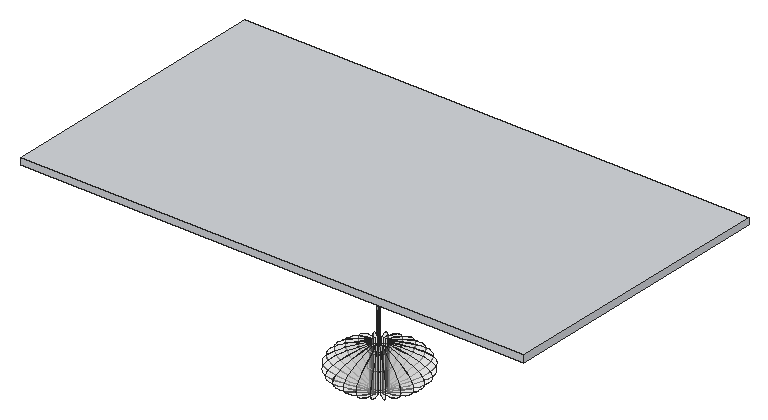
Revit family "Contour - Roundover Large", category Lighting Fixtures, host Face, Revit 2014 (continued)
Automatic sketch dimensions
  Extrusion 19 sketch curve to Extrusion 19 sketch curve = 0.04419"
  Extrusion 19 sketch curve to Extrusion 19 sketch curve = 2.84986"
  Extrusion 19 sketch curve to Extrusion 19 sketch curve = 4.74377"
  Extrusion 19 sketch curve to Extrusion 19 sketch curve = 5.72206"
  Extrusion 19 sketch curve to Extrusion 19 sketch curve = 0.37591"
  Extrusion 19 sketch curve to Extrusion 19 sketch curve = 2.89832"
  Extrusion 19 sketch curve to Extrusion 19 sketch curve = 0.03351"
  Extrusion 19 sketch curve to Extrusion 19 sketch curve = 0"  (x3)
  Extrusion 19 sketch curve to Extrusion 19 sketch curve = 1.62885"
  Extrusion 19 sketch curve to Extrusion 19 sketch curve = 0.13018"
  Extrusion 19 sketch curve to Extrusion 19 sketch curve = 33.74897"
  Extrusion 19 sketch curve to Extrusion 19 sketch curve = 28.16056"
  Extrusion 19 sketch curve to Extrusion 19 sketch curve = 19.42276"
  Extrusion 19 sketch curve to Extrusion 19 sketch curve = 0.8479"
  Extrusion 19 sketch curve to Extrusion 19 sketch curve = 5.69298"
  Extrusion 19 sketch curve to Extrusion 19 sketch curve = 2.38913"
  Extrusion 19 sketch curve to Extrusion 19 sketch curve = 2.11823"
  Extrusion 19 sketch curve to Extrusion 19 sketch curve = 6.31541"
  Extrusion 19 sketch curve to Extrusion 19 sketch curve = 0.12297"
  Extrusion 19 sketch curve to Extrusion 19 sketch curve = 0.40769"
  Extrusion 19 sketch curve to Extrusion 19 sketch curve = 20.38137"
  Extrusion 19 sketch curve to Extrusion 19 sketch curve = 28.25658"
  Extrusion 19 sketch curve to Extrusion 19 sketch curve = 0.58887"
  Extrusion 19 sketch curve to Extrusion 19 sketch curve = 7.6448"
  Extrusion 19 sketch curve to Extrusion 19 sketch curve = 10.94672"
  Extrusion 19 sketch curve to Extrusion 19 sketch curve = 5.98697"
  Extrusion 19 sketch curve to Extrusion 19 sketch curve = 3.89256"
  Extrusion 19 sketch curve to Extrusion 19 sketch curve = 1.035"
  Extrusion 19 sketch curve to Extrusion 19 sketch curve = 2.50827"
  Extrusion 19 sketch curve to Extrusion 19 sketch curve = 2.89456"
  Extrusion 19 sketch curve to Extrusion 19 sketch curve = 1.14633"
  Extrusion 19 sketch curve to Extrusion 19 sketch curve = 1.74919"
  Extrusion 19 sketch curve to Extrusion 19 sketch curve = 1.33646"
  Extrusion 19 sketch curve to Extrusion 19 sketch curve = 0.4308"
  Extrusion 20 sketch curve to Extrusion 20 sketch curve = 2.89947"
  Extrusion 20 sketch curve to Extrusion 20 sketch curve = 1.7032"
  Extrusion 20 sketch curve to Extrusion 20 sketch curve = 3.66121"
  Extrusion 20 sketch curve to Extrusion 20 sketch curve = 1.73894"
  Extrusion 20 sketch curve to Extrusion 20 sketch curve = 0.09832"
  Extrusion 20 sketch curve to Extrusion 20 sketch curve = 0.04419"
  Extrusion 20 sketch curve to Extrusion 20 sketch curve = 2.84986"
  Extrusion 20 sketch curve to Extrusion 20 sketch curve = 4.74377"
  Extrusion 20 sketch curve to Extrusion 20 sketch curve = 5.72206"
  Extrusion 20 sketch curve to Extrusion 20 sketch curve = 0.37591"
  Extrusion 20 sketch curve to Extrusion 20 sketch curve = 2.89832"
  Extrusion 20 sketch curve to Extrusion 20 sketch curve = 0.03351"
  Extrusion 20 sketch curve to Extrusion 20 sketch curve = 0"  (x3)
  Extrusion 20 sketch curve to Extrusion 20 sketch curve = 1.62885"
  Extrusion 20 sketch curve to Extrusion 20 sketch curve = 0.13018"
  Extrusion 20 sketch curve to Extrusion 20 sketch curve = 33.74897"
  Extrusion 20 sketch curve to Extrusion 20 sketch curve = 28.16056"
  Extrusion 20 sketch curve to Extrusion 20 sketch curve = 19.42276"
  Extrusion 20 sketch curve to Extrusion 20 sketch curve = 0.8479"
  Extrusion 20 sketch curve to Extrusion 20 sketch curve = 5.69298"
  Extrusion 20 sketch curve to Extrusion 20 sketch curve = 2.38913"
  Extrusion 20 sketch curve to Extrusion 20 sketch curve = 2.11823"
  Extrusion 20 sketch curve to Extrusion 20 sketch curve = 6.31541"
  Extrusion 20 sketch curve to Extrusion 20 sketch curve = 0.12297"
  Extrusion 20 sketch curve to Extrusion 20 sketch curve = 0.40769"
  Extrusion 20 sketch curve to Extrusion 20 sketch curve = 20.38137"
  Extrusion 20 sketch curve to Extrusion 20 sketch curve = 28.25658"
  Extrusion 20 sketch curve to Extrusion 20 sketch curve = 0.58887"
  Extrusion 20 sketch curve to Extrusion 20 sketch curve = 7.6448"
  Extrusion 20 sketch curve to Extrusion 20 sketch curve = 10.94672"
  Extrusion 20 sketch curve to Extrusion 20 sketch curve = 5.98697"
  Extrusion 20 sketch curve to Extrusion 20 sketch curve = 3.89256"
  Extrusion 20 sketch curve to Extrusion 20 sketch curve = 1.035"
  Extrusion 20 sketch curve to Extrusion 20 sketch curve = 2.50827"
  Extrusion 20 sketch curve to Extrusion 20 sketch curve = 2.89456"
  Extrusion 20 sketch curve to Extrusion 20 sketch curve = 1.14633"
  Extrusion 20 sketch curve to Extrusion 20 sketch curve = 1.74919"
  Extrusion 20 sketch curve to Extrusion 20 sketch curve = 1.33646"
  Extrusion 20 sketch curve to Extrusion 20 sketch curve = 0.4308"
  Extrusion 21 sketch curve to Extrusion 21 sketch curve = 2.89947"
  Extrusion 21 sketch curve to Extrusion 21 sketch curve = 1.7032"
  Extrusion 21 sketch curve to Extrusion 21 sketch curve = 3.66121"
  Extrusion 21 sketch curve to Extrusion 21 sketch curve = 1.73894"
  Extrusion 21 sketch curve to Extrusion 21 sketch curve = 0.09832"
  Extrusion 21 sketch curve to Extrusion 21 sketch curve = 0.04419"
  Extrusion 21 sketch curve to Extrusion 21 sketch curve = 2.84986"
  Extrusion 21 sketch curve to Extrusion 21 sketch curve = 4.74377"
  Extrusion 21 sketch curve to Extrusion 21 sketch curve = 5.72206"
  Extrusion 21 sketch curve to Extrusion 21 sketch curve = 0.37591"
  Extrusion 21 sketch curve to Extrusion 21 sketch curve = 2.89832"
  Extrusion 21 sketch curve to Extrusion 21 sketch curve = 0.03351"
  Extrusion 21 sketch curve to Extrusion 21 sketch curve = 0"  (x3)
  Extrusion 21 sketch curve to Extrusion 21 sketch curve = 1.62885"
  Extrusion 21 sketch curve to Extrusion 21 sketch curve = 0.13018"
  Extrusion 21 sketch curve to Extrusion 21 sketch curve = 33.74897"
  Extrusion 21 sketch curve to Extrusion 21 sketch curve = 28.16056"
  Extrusion 21 sketch curve to Extrusion 21 sketch curve = 19.42276"
  Extrusion 21 sketch curve to Extrusion 21 sketch curve = 0.8479"
  Extrusion 21 sketch curve to Extrusion 21 sketch curve = 5.69298"
  Extrusion 21 sketch curve to Extrusion 21 sketch curve = 2.38913"
  Extrusion 21 sketch curve to Extrusion 21 sketch curve = 2.11823"
  Extrusion 21 sketch curve to Extrusion 21 sketch curve = 6.31541"
  Extrusion 21 sketch curve to Extrusion 21 sketch curve = 0.12297"
  Extrusion 21 sketch curve to Extrusion 21 sketch curve = 0.40769"
  Extrusion 21 sketch curve to Extrusion 21 sketch curve = 20.38137"
  Extrusion 21 sketch curve to Extrusion 21 sketch curve = 28.25658"
  Extrusion 21 sketch curve to Extrusion 21 sketch curve = 0.58887"
  Extrusion 21 sketch curve to Extrusion 21 sketch curve = 7.6448"
  Extrusion 21 sketch curve to Extrusion 21 sketch curve = 10.94672"
  Extrusion 21 sketch curve to Extrusion 21 sketch curve = 5.98697"
  Extrusion 21 sketch curve to Extrusion 21 sketch curve = 3.89256"
  Extrusion 21 sketch curve to Extrusion 21 sketch curve = 1.035"
  Extrusion 21 sketch curve to Extrusion 21 sketch curve = 2.50827"
  Extrusion 21 sketch curve to Extrusion 21 sketch curve = 2.89456"
  Extrusion 21 sketch curve to Extrusion 21 sketch curve = 1.14633"
  Extrusion 21 sketch curve to Extrusion 21 sketch curve = 1.74919"
  Extrusion 21 sketch curve to Extrusion 21 sketch curve = 1.33646"
  Extrusion 21 sketch curve to Extrusion 21 sketch curve = 0.4308"
  Extrusion 22 sketch curve to Extrusion 22 sketch curve = 2.89947"
  Extrusion 22 sketch curve to Extrusion 22 sketch curve = 1.7032"
  Extrusion 22 sketch curve to Extrusion 22 sketch curve = 3.66121"
  Extrusion 22 sketch curve to Extrusion 22 sketch curve = 1.73894"
  Extrusion 22 sketch curve to Extrusion 22 sketch curve = 0.09832"
  Extrusion 22 sketch curve to Extrusion 22 sketch curve = 0.04419"
  Extrusion 22 sketch curve to Extrusion 22 sketch curve = 2.84986"
  Extrusion 22 sketch curve to Extrusion 22 sketch curve = 4.74377"
  Extrusion 22 sketch curve to Extrusion 22 sketch curve = 5.72206"
  Extrusion 22 sketch curve to Extrusion 22 sketch curve = 0.37591"
  Extrusion 22 sketch curve to Extrusion 22 sketch curve = 2.89832"
  Extrusion 22 sketch curve to Extrusion 22 sketch curve = 0.03351"
  Extrusion 22 sketch curve to Extrusion 22 sketch curve = 0"  (x3)
  Extrusion 22 sketch curve to Extrusion 22 sketch curve = 1.62885"
  Extrusion 22 sketch curve to Extrusion 22 sketch curve = 0.13018"
  Extrusion 22 sketch curve to Extrusion 22 sketch curve = 33.74897"
  Extrusion 22 sketch curve to Extrusion 22 sketch curve = 28.16056"
  Extrusion 22 sketch curve to Extrusion 22 sketch curve = 19.42276"
  Extrusion 22 sketch curve to Extrusion 22 sketch curve = 0.8479"
  Extrusion 22 sketch curve to Extrusion 22 sketch curve = 5.69298"
  Extrusion 22 sketch curve to Extrusion 22 sketch curve = 2.38913"
  Extrusion 22 sketch curve to Extrusion 22 sketch curve = 2.11823"
  Extrusion 22 sketch curve to Extrusion 22 sketch curve = 6.31541"
  Extrusion 22 sketch curve to Extrusion 22 sketch curve = 0.12297"
  Extrusion 22 sketch curve to Extrusion 22 sketch curve = 0.40769"
  Extrusion 22 sketch curve to Extrusion 22 sketch curve = 20.38137"
  Extrusion 22 sketch curve to Extrusion 22 sketch curve = 28.25658"
  Extrusion 22 sketch curve to Extrusion 22 sketch curve = 0.58887"
  Extrusion 22 sketch curve to Extrusion 22 sketch curve = 7.6448"
  Extrusion 22 sketch curve to Extrusion 22 sketch curve = 10.94672"
  Extrusion 22 sketch curve to Extrusion 22 sketch curve = 5.98697"
  Extrusion 22 sketch curve to Extrusion 22 sketch curve = 3.89256"
  Extrusion 22 sketch curve to Extrusion 22 sketch curve = 1.035"
  Extrusion 22 sketch curve to Extrusion 22 sketch curve = 2.50827"
  Extrusion 22 sketch curve to Extrusion 22 sketch curve = 2.89456"
  Extrusion 22 sketch curve to Extrusion 22 sketch curve = 1.14633"
  Extrusion 22 sketch curve to Extrusion 22 sketch curve = 1.74919"
  Extrusion 22 sketch curve to Extrusion 22 sketch curve = 1.33646"
  Extrusion 22 sketch curve to Extrusion 22 sketch curve = 0.4308"
  Extrusion 23 sketch curve to Extrusion 23 sketch curve = 2.89947"
  Extrusion 23 sketch curve to Extrusion 23 sketch curve = 1.7032"
  Extrusion 23 sketch curve to Extrusion 23 sketch curve = 3.66121"
  Extrusion 23 sketch curve to Extrusion 23 sketch curve = 1.73894"
  Extrusion 23 sketch curve to Extrusion 23 sketch curve = 0.09832"
  Extrusion 23 sketch curve to Extrusion 23 sketch curve = 0.04419"
  Extrusion 23 sketch curve to Extrusion 23 sketch curve = 2.84986"
  Extrusion 23 sketch curve to Extrusion 23 sketch curve = 4.74377"
  Extrusion 23 sketch curve to Extrusion 23 sketch curve = 5.72206"
  Extrusion 23 sketch curve to Extrusion 23 sketch curve = 0.37591"
  Extrusion 23 sketch curve to Extrusion 23 sketch curve = 2.89832"
  Extrusion 23 sketch curve to Extrusion 23 sketch curve = 0.03351"
  Extrusion 23 sketch curve to Extrusion 23 sketch curve = 0"  (x3)
  Extrusion 23 sketch curve to Extrusion 23 sketch curve = 1.62885"
  Extrusion 23 sketch curve to Extrusion 23 sketch curve = 0.13018"
  Extrusion 23 sketch curve to Extrusion 23 sketch curve = 33.74897"
  Extrusion 23 sketch curve to Extrusion 23 sketch curve = 28.16056"
  Extrusion 23 sketch curve to Extrusion 23 sketch curve = 19.42276"
  Extrusion 23 sketch curve to Extrusion 23 sketch curve = 0.8479"
  Extrusion 23 sketch curve to Extrusion 23 sketch curve = 5.69298"
  Extrusion 23 sketch curve to Extrusion 23 sketch curve = 2.38913"
  Extrusion 23 sketch curve to Extrusion 23 sketch curve = 2.11823"
  Extrusion 23 sketch curve to Extrusion 23 sketch curve = 6.31541"
  Extrusion 23 sketch curve to Extrusion 23 sketch curve = 0.12297"
  Extrusion 23 sketch curve to Extrusion 23 sketch curve = 0.40769"
  Extrusion 23 sketch curve to Extrusion 23 sketch curve = 20.38137"
  Extrusion 23 sketch curve to Extrusion 23 sketch curve = 28.25658"
  Extrusion 23 sketch curve to Extrusion 23 sketch curve = 0.58887"
  Extrusion 23 sketch curve to Extrusion 23 sketch curve = 7.6448"
  Extrusion 23 sketch curve to Extrusion 23 sketch curve = 10.94672"
  Extrusion 23 sketch curve to Extrusion 23 sketch curve = 5.98697"
  Extrusion 23 sketch curve to Extrusion 23 sketch curve = 3.89256"
  Extrusion 23 sketch curve to Extrusion 23 sketch curve = 1.035"
  Extrusion 23 sketch curve to Extrusion 23 sketch curve = 2.50827"
  Extrusion 23 sketch curve to Extrusion 23 sketch curve = 2.89456"
  Extrusion 23 sketch curve to Extrusion 23 sketch curve = 1.14633"
  Extrusion 23 sketch curve to Extrusion 23 sketch curve = 1.74919"
  Extrusion 23 sketch curve to Extrusion 23 sketch curve = 1.33646"
  Extrusion 23 sketch curve to Extrusion 23 sketch curve = 0.4308"
  Extrusion 24 sketch curve to Extrusion 24 sketch curve = 2.89947"
  Extrusion 24 sketch curve to Extrusion 24 sketch curve = 1.7032"
  Extrusion 24 sketch curve to Extrusion 24 sketch curve = 3.66121"
  Extrusion 24 sketch curve to Extrusion 24 sketch curve = 1.73894"
  Extrusion 24 sketch curve to Extrusion 24 sketch curve = 0.09832"
  Extrusion 24 sketch curve to Extrusion 24 sketch curve = 0.04419"
  Extrusion 24 sketch curve to Extrusion 24 sketch curve = 2.84986"
  Extrusion 24 sketch curve to Extrusion 24 sketch curve = 4.74377"
  Extrusion 24 sketch curve to Extrusion 24 sketch curve = 5.72206"
  Extrusion 24 sketch curve to Extrusion 24 sketch curve = 0.37591"
  Extrusion 24 sketch curve to Extrusion 24 sketch curve = 2.89832"
  Extrusion 24 sketch curve to Extrusion 24 sketch curve = 0.03351"
  Extrusion 24 sketch curve to Extrusion 24 sketch curve = 0"  (x3)
  Extrusion 24 sketch curve to Extrusion 24 sketch curve = 1.62885"
  Extrusion 24 sketch curve to Extrusion 24 sketch curve = 0.13018"
  Extrusion 24 sketch curve to Extrusion 24 sketch curve = 33.74897"
  Extrusion 24 sketch curve to Extrusion 24 sketch curve = 28.16056"
  Extrusion 24 sketch curve to Extrusion 24 sketch curve = 19.42276"
  Extrusion 24 sketch curve to Extrusion 24 sketch curve = 0.8479"
  Extrusion 24 sketch curve to Extrusion 24 sketch curve = 5.69298"
  Extrusion 24 sketch curve to Extrusion 24 sketch curve = 2.38913"
  Extrusion 24 sketch curve to Extrusion 24 sketch curve = 2.11823"
  Extrusion 24 sketch curve to Extrusion 24 sketch curve = 6.31541"
  Extrusion 24 sketch curve to Extrusion 24 sketch curve = 0.12297"
  Extrusion 24 sketch curve to Extrusion 24 sketch curve = 0.40769"
  Extrusion 24 sketch curve to Extrusion 24 sketch curve = 20.38137"
  Extrusion 24 sketch curve to Extrusion 24 sketch curve = 28.25658"
  Extrusion 24 sketch curve to Extrusion 24 sketch curve = 0.58887"
  Extrusion 24 sketch curve to Extrusion 24 sketch curve = 7.6448"
  Extrusion 24 sketch curve to Extrusion 24 sketch curve = 10.94672"
  Extrusion 24 sketch curve to Extrusion 24 sketch curve = 5.98697"
  Extrusion 24 sketch curve to Extrusion 24 sketch curve = 3.89256"
  Extrusion 24 sketch curve to Extrusion 24 sketch curve = 1.035"
  Extrusion 24 sketch curve to Extrusion 24 sketch curve = 2.50827"
  Extrusion 24 sketch curve to Extrusion 24 sketch curve = 2.89456"
  Extrusion 24 sketch curve to Extrusion 24 sketch curve = 1.14633"
  Extrusion 24 sketch curve to Extrusion 24 sketch curve = 1.74919"
  Extrusion 24 sketch curve to Extrusion 24 sketch curve = 1.33646"
  Extrusion 24 sketch curve to Extrusion 24 sketch curve = 0.4308"
  Extrusion 25 sketch curve to Extrusion 25 sketch curve = 2.89947"
  Extrusion 25 sketch curve to Extrusion 25 sketch curve = 1.7032"
  Extrusion 25 sketch curve to Extrusion 25 sketch curve = 3.66121"
  Extrusion 25 sketch curve to Extrusion 25 sketch curve = 1.73894"
  Extrusion 25 sketch curve to Extrusion 25 sketch curve = 0.09832"
  Extrusion 25 sketch curve to Extrusion 25 sketch curve = 0.04419"
  Extrusion 25 sketch curve to Extrusion 25 sketch curve = 2.84986"
  Extrusion 25 sketch curve to Extrusion 25 sketch curve = 4.74377"
  Extrusion 25 sketch curve to Extrusion 25 sketch curve = 5.72206"
  Extrusion 25 sketch curve to Extrusion 25 sketch curve = 0.37591"
  Extrusion 25 sketch curve to Extrusion 25 sketch curve = 2.89832"
  Extrusion 25 sketch curve to Extrusion 25 sketch curve = 0.03351"
  Extrusion 25 sketch curve to Extrusion 25 sketch curve = 0"  (x3)
  Extrusion 25 sketch curve to Extrusion 25 sketch curve = 1.62885"
  Extrusion 25 sketch curve to Extrusion 25 sketch curve = 0.13018"
  Extrusion 25 sketch curve to Extrusion 25 sketch curve = 33.74897"
  Extrusion 25 sketch curve to Extrusion 25 sketch curve = 28.16056"
  Extrusion 25 sketch curve to Extrusion 25 sketch curve = 19.42276"
  Extrusion 25 sketch curve to Extrusion 25 sketch curve = 0.8479"
  Extrusion 25 sketch curve to Extrusion 25 sketch curve = 5.69298"
  Extrusion 25 sketch curve to Extrusion 25 sketch curve = 2.38913"
  Extrusion 25 sketch curve to Extrusion 25 sketch curve = 2.11823"
  Extrusion 25 sketch curve to Extrusion 25 sketch curve = 6.31541"
  Extrusion 25 sketch curve to Extrusion 25 sketch curve = 0.12297"
  Extrusion 25 sketch curve to Extrusion 25 sketch curve = 0.40769"
  Extrusion 25 sketch curve to Extrusion 25 sketch curve = 20.38137"
  Extrusion 25 sketch curve to Extrusion 25 sketch curve = 28.25658"
  Extrusion 25 sketch curve to Extrusion 25 sketch curve = 0.58887"
  Extrusion 25 sketch curve to Extrusion 25 sketch curve = 7.6448"
  Extrusion 25 sketch curve to Extrusion 25 sketch curve = 10.94672"
  Extrusion 25 sketch curve to Extrusion 25 sketch curve = 5.98697"
  Extrusion 25 sketch curve to Extrusion 25 sketch curve = 3.89256"
  Extrusion 25 sketch curve to Extrusion 25 sketch curve = 1.035"
  Extrusion 25 sketch curve to Extrusion 25 sketch curve = 2.50827"
  Extrusion 25 sketch curve to Extrusion 25 sketch curve = 2.89456"
  Extrusion 25 sketch curve to Extrusion 25 sketch curve = 1.14633"
  Extrusion 25 sketch curve to Extrusion 25 sketch curve = 1.74919"
  Extrusion 25 sketch curve to Extrusion 25 sketch curve = 1.33646"
  Extrusion 25 sketch curve to Extrusion 25 sketch curve = 0.4308"
  Extrusion 26 sketch curve to Extrusion 26 sketch curve = 2.89947"
  Extrusion 26 sketch curve to Extrusion 26 sketch curve = 1.7032"
  Extrusion 26 sketch curve to Extrusion 26 sketch curve = 3.66121"
  Extrusion 26 sketch curve to Extrusion 26 sketch curve = 1.73894"
  Extrusion 26 sketch curve to Extrusion 26 sketch curve = 0.09832"
  Extrusion 26 sketch curve to Extrusion 26 sketch curve = 0.04419"
  Extrusion 26 sketch curve to Extrusion 26 sketch curve = 2.84986"
  Extrusion 26 sketch curve to Extrusion 26 sketch curve = 4.74377"
  Extrusion 26 sketch curve to Extrusion 26 sketch curve = 5.72206"
  Extrusion 26 sketch curve to Extrusion 26 sketch curve = 0.37591"
  Extrusion 26 sketch curve to Extrusion 26 sketch curve = 2.89832"
  Extrusion 26 sketch curve to Extrusion 26 sketch curve = 0.03351"
  Extrusion 26 sketch curve to Extrusion 26 sketch curve = 0"  (x3)
  Extrusion 26 sketch curve to Extrusion 26 sketch curve = 1.62885"
  Extrusion 26 sketch curve to Extrusion 26 sketch curve = 0.13018"
  Extrusion 26 sketch curve to Extrusion 26 sketch curve = 33.74897"
  Extrusion 26 sketch curve to Extrusion 26 sketch curve = 28.16056"
  Extrusion 26 sketch curve to Extrusion 26 sketch curve = 19.42276"
  Extrusion 26 sketch curve to Extrusion 26 sketch curve = 0.8479"
  Extrusion 26 sketch curve to Extrusion 26 sketch curve = 5.69298"
  Extrusion 26 sketch curve to Extrusion 26 sketch curve = 2.38913"
  Extrusion 26 sketch curve to Extrusion 26 sketch curve = 2.11823"
  Extrusion 26 sketch curve to Extrusion 26 sketch curve = 6.31541"
  Extrusion 26 sketch curve to Extrusion 26 sketch curve = 0.12297"
  Extrusion 26 sketch curve to Extrusion 26 sketch curve = 0.40769"
  Extrusion 26 sketch curve to Extrusion 26 sketch curve = 20.38137"
  Extrusion 26 sketch curve to Extrusion 26 sketch curve = 28.25658"
  Extrusion 26 sketch curve to Extrusion 26 sketch curve = 0.58887"
  Extrusion 26 sketch curve to Extrusion 26 sketch curve = 7.6448"
  Extrusion 26 sketch curve to Extrusion 26 sketch curve = 10.94672"
  Extrusion 26 sketch curve to Extrusion 26 sketch curve = 5.98697"
  Extrusion 26 sketch curve to Extrusion 26 sketch curve = 3.89256"
  Extrusion 26 sketch curve to Extrusion 26 sketch curve = 1.035"
  Extrusion 26 sketch curve to Extrusion 26 sketch curve = 2.50827"
  Extrusion 26 sketch curve to Extrusion 26 sketch curve = 2.89456"
  Extrusion 26 sketch curve to Extrusion 26 sketch curve = 1.14633"
  Extrusion 26 sketch curve to Extrusion 26 sketch curve = 1.74919"
  Extrusion 26 sketch curve to Extrusion 26 sketch curve = 1.33646"
  Extrusion 26 sketch curve to Extrusion 26 sketch curve = 0.4308"
  Extrusion 27 sketch curve to Extrusion 27 sketch curve = 2.89947"
  Extrusion 27 sketch curve to Extrusion 27 sketch curve = 1.7032"
  Extrusion 27 sketch curve to Extrusion 27 sketch curve = 3.66121"
  Extrusion 27 sketch curve to Extrusion 27 sketch curve = 1.73894"
  Extrusion 27 sketch curve to Extrusion 27 sketch curve = 0.09832"
  Extrusion 27 sketch curve to Extrusion 27 sketch curve = 0.04419"
  Extrusion 27 sketch curve to Extrusion 27 sketch curve = 2.84986"
  Extrusion 27 sketch curve to Extrusion 27 sketch curve = 4.74377"
  Extrusion 27 sketch curve to Extrusion 27 sketch curve = 5.72206"
  Extrusion 27 sketch curve to Extrusion 27 sketch curve = 0.37591"
  Extrusion 27 sketch curve to Extrusion 27 sketch curve = 2.89832"
  Extrusion 27 sketch curve to Extrusion 27 sketch curve = 0.03351"
  Extrusion 27 sketch curve to Extrusion 27 sketch curve = 0"  (x3)
  Extrusion 27 sketch curve to Extrusion 27 sketch curve = 1.62885"
  Extrusion 27 sketch curve to Extrusion 27 sketch curve = 0.13018"
  Extrusion 27 sketch curve to Extrusion 27 sketch curve = 33.74897"
  Extrusion 27 sketch curve to Extrusion 27 sketch curve = 28.16056"
  Extrusion 27 sketch curve to Extrusion 27 sketch curve = 19.42276"
  Extrusion 27 sketch curve to Extrusion 27 sketch curve = 0.8479"
  Extrusion 27 sketch curve to Extrusion 27 sketch curve = 5.69298"
  Extrusion 27 sketch curve to Extrusion 27 sketch curve = 2.38913"
  Extrusion 27 sketch curve to Extrusion 27 sketch curve = 2.11823"
  Extrusion 27 sketch curve to Extrusion 27 sketch curve = 6.31541"
  Extrusion 27 sketch curve to Extrusion 27 sketch curve = 0.12297"
  Extrusion 27 sketch curve to Extrusion 27 sketch curve = 0.40769"
  Extrusion 27 sketch curve to Extrusion 27 sketch curve = 20.38137"
  Extrusion 27 sketch curve to Extrusion 27 sketch curve = 28.25658"
  Extrusion 27 sketch curve to Extrusion 27 sketch curve = 0.58887"
  Extrusion 27 sketch curve to Extrusion 27 sketch curve = 7.6448"
  Extrusion 27 sketch curve to Extrusion 27 sketch curve = 10.94672"
  Extrusion 27 sketch curve to Extrusion 27 sketch curve = 5.98697"
  Extrusion 27 sketch curve to Extrusion 27 sketch curve = 3.89256"
  Extrusion 27 sketch curve to Extrusion 27 sketch curve = 1.035"
  Extrusion 27 sketch curve to Extrusion 27 sketch curve = 2.50827"
  Extrusion 27 sketch curve to Extrusion 27 sketch curve = 2.89456"
  Extrusion 27 sketch curve to Extrusion 27 sketch curve = 1.14633"
  Extrusion 27 sketch curve to Extrusion 27 sketch curve = 1.74919"
  Extrusion 27 sketch curve to Extrusion 27 sketch curve = 1.33646"
  Extrusion 27 sketch curve to Extrusion 27 sketch curve = 0.4308"
  Extrusion 28 sketch curve to Extrusion 28 sketch curve = 2.89947"
  Extrusion 28 sketch curve to Extrusion 28 sketch curve = 1.7032"
  Extrusion 28 sketch curve to Extrusion 28 sketch curve = 3.66121"
  Extrusion 28 sketch curve to Extrusion 28 sketch curve = 1.73894"
  Extrusion 28 sketch curve to Extrusion 28 sketch curve = 0.09832"
  Extrusion 28 sketch curve to Extrusion 28 sketch curve = 0.04419"
  Extrusion 28 sketch curve to Extrusion 28 sketch curve = 2.84986"
  Extrusion 28 sketch curve to Extrusion 28 sketch curve = 4.74377"
  Extrusion 28 sketch curve to Extrusion 28 sketch curve = 5.72206"
  Extrusion 28 sketch curve to Extrusion 28 sketch curve = 0.37591"
  Extrusion 28 sketch curve to Extrusion 28 sketch curve = 2.89832"
  Extrusion 28 sketch curve to Extrusion 28 sketch curve = 0.03351"
  Extrusion 28 sketch curve to Extrusion 28 sketch curve = 0"  (x3)
  Extrusion 28 sketch curve to Extrusion 28 sketch curve = 1.62885"
  Extrusion 28 sketch curve to Extrusion 28 sketch curve = 0.13018"
  Extrusion 28 sketch curve to Extrusion 28 sketch curve = 33.74897"
  Extrusion 28 sketch curve to Extrusion 28 sketch curve = 28.16056"
  Extrusion 28 sketch curve to Extrusion 28 sketch curve = 19.42276"
  Extrusion 28 sketch curve to Extrusion 28 sketch curve = 0.8479"
  Extrusion 28 sketch curve to Extrusion 28 sketch curve = 5.69298"
  Extrusion 28 sketch curve to Extrusion 28 sketch curve = 2.38913"
  Extrusion 28 sketch curve to Extrusion 28 sketch curve = 2.11823"
  Extrusion 28 sketch curve to Extrusion 28 sketch curve = 6.31541"
  Extrusion 28 sketch curve to Extrusion 28 sketch curve = 0.12297"
  Extrusion 28 sketch curve to Extrusion 28 sketch curve = 0.40769"
  Extrusion 28 sketch curve to Extrusion 28 sketch curve = 20.38137"
  Extrusion 28 sketch curve to Extrusion 28 sketch curve = 28.25658"
  Extrusion 28 sketch curve to Extrusion 28 sketch curve = 0.58887"
  Extrusion 28 sketch curve to Extrusion 28 sketch curve = 7.6448"
  Extrusion 28 sketch curve to Extrusion 28 sketch curve = 10.94672"
  Extrusion 28 sketch curve to Extrusion 28 sketch curve = 5.98697"
  Extrusion 28 sketch curve to Extrusion 28 sketch curve = 3.89256"
  Extrusion 28 sketch curve to Extrusion 28 sketch curve = 1.035"
  Extrusion 28 sketch curve to Extrusion 28 sketch curve = 2.50827"
  Extrusion 28 sketch curve to Extrusion 28 sketch curve = 2.89456"
  Extrusion 28 sketch curve to Extrusion 28 sketch curve = 1.14633"
  Extrusion 28 sketch curve to Extrusion 28 sketch curve = 1.74919"
  Extrusion 28 sketch curve to Extrusion 28 sketch curve = 1.33646"
  Extrusion 28 sketch curve to Extrusion 28 sketch curve = 0.4308"
  Extrusion 29 sketch curve to Extrusion 29 sketch curve = 2.89947"
  Extrusion 29 sketch curve to Extrusion 29 sketch curve = 1.7032"
  Extrusion 29 sketch curve to Extrusion 29 sketch curve = 3.66121"
  Extrusion 29 sketch curve to Extrusion 29 sketch curve = 1.73894"
  Extrusion 29 sketch curve to Extrusion 29 sketch curve = 0.09832"
  Extrusion 29 sketch curve to Extrusion 29 sketch curve = 0.04419"
  Extrusion 29 sketch curve to Extrusion 29 sketch curve = 2.84986"
  Extrusion 29 sketch curve to Extrusion 29 sketch curve = 4.74377"
  Extrusion 29 sketch curve to Extrusion 29 sketch curve = 5.72206"
  Extrusion 29 sketch curve to Extrusion 29 sketch curve = 0.37591"
  Extrusion 29 sketch curve to Extrusion 29 sketch curve = 2.89832"
  Extrusion 29 sketch curve to Extrusion 29 sketch curve = 0.03351"
  Extrusion 29 sketch curve to Extrusion 29 sketch curve = 0"  (x3)
  Extrusion 29 sketch curve to Extrusion 29 sketch curve = 1.62885"
  Extrusion 29 sketch curve to Extrusion 29 sketch curve = 0.13018"
  Extrusion 29 sketch curve to Extrusion 29 sketch curve = 33.74897"
  Extrusion 29 sketch curve to Extrusion 29 sketch curve = 28.16056"
  Extrusion 29 sketch curve to Extrusion 29 sketch curve = 19.42276"
  Extrusion 29 sketch curve to Extrusion 29 sketch curve = 0.8479"
  Extrusion 29 sketch curve to Extrusion 29 sketch curve = 5.69298"
  Extrusion 29 sketch curve to Extrusion 29 sketch curve = 2.38913"
  Extrusion 29 sketch curve to Extrusion 29 sketch curve = 2.11823"
  Extrusion 29 sketch curve to Extrusion 29 sketch curve = 6.31541"
  Extrusion 29 sketch curve to Extrusion 29 sketch curve = 0.12297"
  Extrusion 29 sketch curve to Extrusion 29 sketch curve = 0.40769"
  Extrusion 29 sketch curve to Extrusion 29 sketch curve = 20.38137"
  Extrusion 29 sketch curve to Extrusion 29 sketch curve = 28.25658"
  Extrusion 29 sketch curve to Extrusion 29 sketch curve = 0.58887"
  Extrusion 29 sketch curve to Extrusion 29 sketch curve = 7.6448"
  Extrusion 29 sketch curve to Extrusion 29 sketch curve = 10.94672"
  Extrusion 29 sketch curve to Extrusion 29 sketch curve = 5.98697"
  Extrusion 29 sketch curve to Extrusion 29 sketch curve = 3.89256"
  Extrusion 29 sketch curve to Extrusion 29 sketch curve = 1.035"
  Extrusion 29 sketch curve to Extrusion 29 sketch curve = 2.50827"
  Extrusion 29 sketch curve to Extrusion 29 sketch curve = 2.89456"
  Extrusion 29 sketch curve to Extrusion 29 sketch curve = 1.14633"
  Extrusion 29 sketch curve to Extrusion 29 sketch curve = 1.74919"
  Extrusion 29 sketch curve to Extrusion 29 sketch curve = 1.33646"
  Extrusion 29 sketch curve to Extrusion 29 sketch curve = 0.4308"
  Extrusion 30 sketch curve to Extrusion 30 sketch curve = 2.89947"
  Extrusion 30 sketch curve to Extrusion 30 sketch curve = 1.7032"
  Extrusion 30 sketch curve to Extrusion 30 sketch curve = 3.66121"
  Extrusion 30 sketch curve to Extrusion 30 sketch curve = 1.73894"
  Extrusion 30 sketch curve to Extrusion 30 sketch curve = 0.09832"
  Extrusion 30 sketch curve to Extrusion 30 sketch curve = 0.04419"
  Extrusion 30 sketch curve to Extrusion 30 sketch curve = 2.84986"
  Extrusion 30 sketch curve to Extrusion 30 sketch curve = 4.74377"
  Extrusion 30 sketch curve to Extrusion 30 sketch curve = 5.72206"
  Extrusion 30 sketch curve to Extrusion 30 sketch curve = 0.37591"
  Extrusion 30 sketch curve to Extrusion 30 sketch curve = 2.89832"
  Extrusion 30 sketch curve to Extrusion 30 sketch curve = 0.03351"
  Extrusion 30 sketch curve to Extrusion 30 sketch curve = 0"  (x3)
  Extrusion 30 sketch curve to Extrusion 30 sketch curve = 1.62885"
  Extrusion 30 sketch curve to Extrusion 30 sketch curve = 0.13018"
  Extrusion 30 sketch curve to Extrusion 30 sketch curve = 33.74897"
  Extrusion 30 sketch curve to Extrusion 30 sketch curve = 28.16056"
  Extrusion 30 sketch curve to Extrusion 30 sketch curve = 19.42276"
  Extrusion 30 sketch curve to Extrusion 30 sketch curve = 0.8479"
  Extrusion 30 sketch curve to Extrusion 30 sketch curve = 5.69298"
  Extrusion 30 sketch curve to Extrusion 30 sketch curve = 2.38913"
  Extrusion 30 sketch curve to Extrusion 30 sketch curve = 2.11823"
  Extrusion 30 sketch curve to Extrusion 30 sketch curve = 6.31541"
  Extrusion 30 sketch curve to Extrusion 30 sketch curve = 0.12297"
  Extrusion 30 sketch curve to Extrusion 30 sketch curve = 0.40769"
  Extrusion 30 sketch curve to Extrusion 30 sketch curve = 20.38137"
  Extrusion 30 sketch curve to Extrusion 30 sketch curve = 28.25658"
  Extrusion 30 sketch curve to Extrusion 30 sketch curve = 0.58887"
  Extrusion 30 sketch curve to Extrusion 30 sketch curve = 7.6448"
  Extrusion 30 sketch curve to Extrusion 30 sketch curve = 10.94672"
  Extrusion 30 sketch curve to Extrusion 30 sketch curve = 5.98697"
  Extrusion 30 sketch curve to Extrusion 30 sketch curve = 3.89256"
  Extrusion 30 sketch curve to Extrusion 30 sketch curve = 1.035"
  Extrusion 30 sketch curve to Extrusion 30 sketch curve = 2.50827"
  Extrusion 30 sketch curve to Extrusion 30 sketch curve = 2.89456"
  Extrusion 30 sketch curve to Extrusion 30 sketch curve = 1.14633"
  Extrusion 30 sketch curve to Extrusion 30 sketch curve = 1.74919"
  Extrusion 30 sketch curve to Extrusion 30 sketch curve = 1.33646"
  Extrusion 30 sketch curve to Extrusion 30 sketch curve = 0.4308"
  Extrusion 31 sketch curve to Extrusion 31 sketch curve = 2.89947"
  Extrusion 31 sketch curve to Extrusion 31 sketch curve = 1.7032"
  Extrusion 31 sketch curve to Extrusion 31 sketch curve = 3.66121"
  Extrusion 31 sketch curve to Extrusion 31 sketch curve = 1.73894"
  Extrusion 31 sketch curve to Extrusion 31 sketch curve = 0.09832"
  Extrusion 31 sketch curve to Extrusion 31 sketch curve = 0.04419"
  Extrusion 31 sketch curve to Extrusion 31 sketch curve = 2.84986"
  Extrusion 31 sketch curve to Extrusion 31 sketch curve = 4.74377"
  Extrusion 31 sketch curve to Extrusion 31 sketch curve = 5.72206"
  Extrusion 31 sketch curve to Extrusion 31 sketch curve = 0.37591"
  Extrusion 31 sketch curve to Extrusion 31 sketch curve = 2.89832"
  Extrusion 31 sketch curve to Extrusion 31 sketch curve = 0.03351"
  Extrusion 31 sketch curve to Extrusion 31 sketch curve = 0"  (x3)
  Extrusion 31 sketch curve to Extrusion 31 sketch curve = 1.62885"
  Extrusion 31 sketch curve to Extrusion 31 sketch curve = 0.13018"
  Extrusion 31 sketch curve to Extrusion 31 sketch curve = 33.74897"
  Extrusion 31 sketch curve to Extrusion 31 sketch curve = 28.16056"
  Extrusion 31 sketch curve to Extrusion 31 sketch curve = 19.42276"
  Extrusion 31 sketch curve to Extrusion 31 sketch curve = 0.8479"
  Extrusion 31 sketch curve to Extrusion 31 sketch curve = 5.69298"
  Extrusion 31 sketch curve to Extrusion 31 sketch curve = 2.38913"
  Extrusion 31 sketch curve to Extrusion 31 sketch curve = 2.11823"
  Extrusion 31 sketch curve to Extrusion 31 sketch curve = 6.31541"
  Extrusion 31 sketch curve to Extrusion 31 sketch curve = 0.12297"
  Extrusion 31 sketch curve to Extrusion 31 sketch curve = 0.40769"
  Extrusion 31 sketch curve to Extrusion 31 sketch curve = 20.38137"
  Extrusion 31 sketch curve to Extrusion 31 sketch curve = 28.25658"
  Extrusion 31 sketch curve to Extrusion 31 sketch curve = 0.58887"
  Extrusion 31 sketch curve to Extrusion 31 sketch curve = 7.6448"
  Extrusion 31 sketch curve to Extrusion 31 sketch curve = 10.94672"
  Extrusion 31 sketch curve to Extrusion 31 sketch curve = 5.98697"
  Extrusion 31 sketch curve to Extrusion 31 sketch curve = 3.89256"
  Extrusion 31 sketch curve to Extrusion 31 sketch curve = 1.035"
  Extrusion 31 sketch curve to Extrusion 31 sketch curve = 2.50827"
  Extrusion 31 sketch curve to Extrusion 31 sketch curve = 2.89456"
  Extrusion 31 sketch curve to Extrusion 31 sketch curve = 1.14633"
  Extrusion 31 sketch curve to Extrusion 31 sketch curve = 1.74919"
  Extrusion 31 sketch curve to Extrusion 31 sketch curve = 1.33646"
  Extrusion 31 sketch curve to Extrusion 31 sketch curve = 0.4308"
  Extrusion 32 sketch curve to Extrusion 32 sketch curve = 2.89947"
  Extrusion 32 sketch curve to Extrusion 32 sketch curve = 1.7032"
  Extrusion 32 sketch curve to Extrusion 32 sketch curve = 3.66121"
  Extrusion 32 sketch curve to Extrusion 32 sketch curve = 1.73894"
  Extrusion 32 sketch curve to Extrusion 32 sketch curve = 0.09832"
  Extrusion 32 sketch curve to Extrusion 32 sketch curve = 0.04419"
  Extrusion 32 sketch curve to Extrusion 32 sketch curve = 2.84986"
  Extrusion 32 sketch curve to Extrusion 32 sketch curve = 4.74377"
  Extrusion 32 sketch curve to Extrusion 32 sketch curve = 5.72206"
  Extrusion 32 sketch curve to Extrusion 32 sketch curve = 0.37591"
  Extrusion 32 sketch curve to Extrusion 32 sketch curve = 2.89832"
  Extrusion 32 sketch curve to Extrusion 32 sketch curve = 0.03351"
  Extrusion 32 sketch curve to Extrusion 32 sketch curve = 0"  (x3)
  Extrusion 32 sketch curve to Extrusion 32 sketch curve = 1.62885"
  Extrusion 32 sketch curve to Extrusion 32 sketch curve = 0.13018"
  Extrusion 32 sketch curve to Extrusion 32 sketch curve = 33.74897"
  Extrusion 32 sketch curve to Extrusion 32 sketch curve = 28.16056"
  Extrusion 32 sketch curve to Extrusion 32 sketch curve = 19.42276"
  Extrusion 32 sketch curve to Extrusion 32 sketch curve = 0.8479"
  Extrusion 32 sketch curve to Extrusion 32 sketch curve = 5.69298"
  Extrusion 32 sketch curve to Extrusion 32 sketch curve = 2.38913"
  Extrusion 32 sketch curve to Extrusion 32 sketch curve = 2.11823"
  Extrusion 32 sketch curve to Extrusion 32 sketch curve = 6.31541"
  Extrusion 32 sketch curve to Extrusion 32 sketch curve = 0.12297"
  Extrusion 32 sketch curve to Extrusion 32 sketch curve = 0.40769"
  Extrusion 32 sketch curve to Extrusion 32 sketch curve = 20.38137"
  Extrusion 32 sketch curve to Extrusion 32 sketch curve = 28.25658"
  Extrusion 32 sketch curve to Extrusion 32 sketch curve = 0.58887"
  Extrusion 32 sketch curve to Extrusion 32 sketch curve = 7.6448"
  Extrusion 32 sketch curve to Extrusion 32 sketch curve = 10.94672"
  Extrusion 32 sketch curve to Extrusion 32 sketch curve = 5.98697"
  Extrusion 32 sketch curve to Extrusion 32 sketch curve = 3.89256"
  Extrusion 32 sketch curve to Extrusion 32 sketch curve = 1.035"
  Extrusion 32 sketch curve to Extrusion 32 sketch curve = 2.50827"
  Extrusion 32 sketch curve to Extrusion 32 sketch curve = 2.89456"
  Extrusion 32 sketch curve to Extrusion 32 sketch curve = 1.14633"
  Extrusion 32 sketch curve to Extrusion 32 sketch curve = 1.74919"
  Extrusion 32 sketch curve to Extrusion 32 sketch curve = 1.33646"
  Extrusion 32 sketch curve to Extrusion 32 sketch curve = 0.4308"
  Revolve 3 sketch curve to Revolve 3 sketch curve = 2.89947"
  Revolve 3 sketch curve to Revolve 3 sketch curve = 1.7032"
  Revolve 3 sketch curve to Revolve 3 sketch curve = 3.66121"
  Revolve 3 sketch curve to Revolve 3 sketch curve = 1.73894"
  Revolve 3 sketch curve to Revolve 3 sketch curve = 3.55667"
  Revolve 3 sketch curve to Revolve 3 sketch curve = 3.56994"
  Revolve 3 sketch curve to Revolve 3 sketch curve = 2.84986"
  Revolve 3 sketch curve to Revolve 3 sketch curve = 4.65445"
  Revolve 3 sketch curve to Revolve 3 sketch curve = 5.72206"
  Revolve 3 sketch curve to Revolve 3 sketch curve = 0.37591"
  Revolve 3 sketch curve to Revolve 3 sketch curve = 2.89832"
  Revolve 3 sketch curve to Revolve 3 sketch curve = 1.33646"
  Revolve 3 sketch curve to Revolve 3 sketch curve = 1.62885"
  Revolve 3 sketch curve to Revolve 3 sketch curve = 0"  (x5)
  Revolve 3 sketch curve to Revolve 3 sketch curve = 33.74897"
  Revolve 3 sketch curve to Revolve 3 sketch curve = 28.16056"
  Revolve 3 sketch curve to Revolve 3 sketch curve = 19.42276"
  Revolve 3 sketch curve to Revolve 3 sketch curve = 0.88142"
  Revolve 3 sketch curve to Revolve 3 sketch curve = 5.69298"
  Revolve 3 sketch curve to Revolve 3 sketch curve = 2.38913"
  Revolve 3 sketch curve to Revolve 3 sketch curve = 2.11823"
  Revolve 3 sketch curve to Revolve 3 sketch curve = 6.31541"
  Revolve 3 sketch curve to Revolve 3 sketch curve = 0.53312"
  Revolve 3 sketch curve to Revolve 3 sketch curve = 20 97/256"
  Revolve 3 sketch curve to Revolve 3 sketch curve = 28.25658"
  Revolve 3 sketch curve to Revolve 3 sketch curve = 0.58887"
  Revolve 3 sketch curve to Revolve 3 sketch curve = 7.6448"
  Revolve 3 sketch curve to Revolve 3 sketch curve = 10.94672"
  Revolve 3 sketch curve to Revolve 3 sketch curve = 2.60467"
  Revolve 3 sketch curve to Revolve 3 sketch curve = 3.89256"
  Revolve 3 sketch curve to Revolve 3 sketch curve = 1.035"
  Revolve 3 sketch curve to Revolve 3 sketch curve = 2.50827"
  Revolve 3 sketch curve to Revolve 3 sketch curve = 2.89456"
  Revolve 3 sketch curve to Revolve 3 sketch curve = 1.14633"
  Revolve 3 sketch curve to Revolve 3 sketch curve = 1.74919"
  Revolve 3 sketch curve to Revolve 3 sketch curve = 4.54359"
  Extrusion 39 sketch curve to Extrusion 39 sketch curve = 0"  (x9)
  Extrusion 39 sketch curve to Extrusion 39 sketch curve = 0.70077"  (x2)
  Extrusion 39 sketch curve to Extrusion 39 sketch curve = 2.65921"
  Extrusion 38 sketch curve to Extrusion 38 sketch curve = 0"  (x9)
  Extrusion 38 sketch curve to Extrusion 38 sketch curve = 0.70077"  (x2)
  Extrusion 38 sketch curve to Extrusion 38 sketch curve = 2.65921"
  Extrusion 37 sketch curve to Extrusion 37 sketch curve = 0"  (x4)
  Extrusion 36 sketch curve to Extrusion 36 sketch curve = 0"  (x4)
  Extrusion 35 sketch curve to Extrusion 35 sketch curve = 2.89947"
  Extrusion 35 sketch curve to Extrusion 35 sketch curve = 1.7032"
  Extrusion 35 sketch curve to Extrusion 35 sketch curve = 3.66121"
  Extrusion 35 sketch curve to Extrusion 35 sketch curve = 1.73894"
  Extrusion 35 sketch curve to Extrusion 35 sketch curve = 0.09832"
  Extrusion 35 sketch curve to Extrusion 35 sketch curve = 0.04419"
  Extrusion 35 sketch curve to Extrusion 35 sketch curve = 2.84986"
  Extrusion 35 sketch curve to Extrusion 35 sketch curve = 4.74377"
  Extrusion 35 sketch curve to Extrusion 35 sketch curve = 5.72206"
  Extrusion 35 sketch curve to Extrusion 35 sketch curve = 0.37591"
  Extrusion 35 sketch curve to Extrusion 35 sketch curve = 2.89832"
  Extrusion 35 sketch curve to Extrusion 35 sketch curve = 0.03351"
  Extrusion 35 sketch curve to Extrusion 35 sketch curve = 0"  (x3)
  Extrusion 35 sketch curve to Extrusion 35 sketch curve = 1.62885"
  Extrusion 35 sketch curve to Extrusion 35 sketch curve = 0.13018"
  Extrusion 35 sketch curve to Extrusion 35 sketch curve = 33.74897"
  Extrusion 35 sketch curve to Extrusion 35 sketch curve = 28.16056"
  Extrusion 35 sketch curve to Extrusion 35 sketch curve = 19.42276"
  Extrusion 35 sketch curve to Extrusion 35 sketch curve = 0.8479"
  Extrusion 35 sketch curve to Extrusion 35 sketch curve = 5.69298"
  Extrusion 35 sketch curve to Extrusion 35 sketch curve = 2.38913"
  Extrusion 35 sketch curve to Extrusion 35 sketch curve = 2.11823"
  Extrusion 35 sketch curve to Extrusion 35 sketch curve = 6.31541"
  Extrusion 35 sketch curve to Extrusion 35 sketch curve = 0.12297"
  Extrusion 35 sketch curve to Extrusion 35 sketch curve = 0.40769"
  Extrusion 35 sketch curve to Extrusion 35 sketch curve = 20.38137"
  Extrusion 35 sketch curve to Extrusion 35 sketch curve = 28.25658"
  Extrusion 35 sketch curve to Extrusion 35 sketch curve = 0.58887"
  Extrusion 35 sketch curve to Extrusion 35 sketch curve = 7.6448"
  Extrusion 35 sketch curve to Extrusion 35 sketch curve = 10.94672"
  Extrusion 35 sketch curve to Extrusion 35 sketch curve = 5.98697"
  Extrusion 35 sketch curve to Extrusion 35 sketch curve = 3.89256"
  Extrusion 35 sketch curve to Extrusion 35 sketch curve = 1.035"
  Extrusion 35 sketch curve to Extrusion 35 sketch curve = 2.50827"
  Extrusion 35 sketch curve to Extrusion 35 sketch curve = 2.89456"
  Extrusion 35 sketch curve to Extrusion 35 sketch curve = 1.14633"
  Extrusion 35 sketch curve to Extrusion 35 sketch curve = 1.74919"
  Extrusion 35 sketch curve to Extrusion 35 sketch curve = 1.33646"
  Extrusion 35 sketch curve to Extrusion 35 sketch curve = 0.4308"
  Extrusion 40 sketch curve to Extrusion 40 sketch curve = 2.89947"
  Extrusion 40 sketch curve to Extrusion 40 sketch curve = 1.7032"
  Extrusion 40 sketch curve to Extrusion 40 sketch curve = 3.66121"
  Extrusion 40 sketch curve to Extrusion 40 sketch curve = 1.73894"
  Extrusion 40 sketch curve to Extrusion 40 sketch curve = 0.09832"
  Extrusion 40 sketch curve to Extrusion 40 sketch curve = 0.04419"
  Extrusion 40 sketch curve to Extrusion 40 sketch curve = 2.84986"
  Extrusion 40 sketch curve to Extrusion 40 sketch curve = 4.74377"
  Extrusion 40 sketch curve to Extrusion 40 sketch curve = 5.72206"
  Extrusion 40 sketch curve to Extrusion 40 sketch curve = 0.37591"
  Extrusion 40 sketch curve to Extrusion 40 sketch curve = 2.89832"
  Extrusion 40 sketch curve to Extrusion 40 sketch curve = 0.03351"
  Extrusion 40 sketch curve to Extrusion 40 sketch curve = 0"  (x3)
  Extrusion 40 sketch curve to Extrusion 40 sketch curve = 1.62885"
  Extrusion 40 sketch curve to Extrusion 40 sketch curve = 0.13018"
  Extrusion 40 sketch curve to Extrusion 40 sketch curve = 33.74897"
  Extrusion 40 sketch curve to Extrusion 40 sketch curve = 28.16056"
  Extrusion 40 sketch curve to Extrusion 40 sketch curve = 19.42276"
  Extrusion 40 sketch curve to Extrusion 40 sketch curve = 0.8479"
  Extrusion 40 sketch curve to Extrusion 40 sketch curve = 5.69298"
  Extrusion 40 sketch curve to Extrusion 40 sketch curve = 2.38913"
  Extrusion 40 sketch curve to Extrusion 40 sketch curve = 2.11823"
  Extrusion 40 sketch curve to Extrusion 40 sketch curve = 6.31541"
  Extrusion 40 sketch curve to Extrusion 40 sketch curve = 0.12297"
  Extrusion 40 sketch curve to Extrusion 40 sketch curve = 0.40769"
  Extrusion 40 sketch curve to Extrusion 40 sketch curve = 20.38137"
  Extrusion 40 sketch curve to Extrusion 40 sketch curve = 28.25658"
  Extrusion 40 sketch curve to Extrusion 40 sketch curve = 0.58887"
  Extrusion 40 sketch curve to Extrusion 40 sketch curve = 7.6448"
  Extrusion 40 sketch curve to Extrusion 40 sketch curve = 10.94672"
  Extrusion 40 sketch curve to Extrusion 40 sketch curve = 5.98697"
  Extrusion 40 sketch curve to Extrusion 40 sketch curve = 3.89256"
  Extrusion 40 sketch curve to Extrusion 40 sketch curve = 1.035"
  Extrusion 40 sketch curve to Extrusion 40 sketch curve = 2.50827"
  Extrusion 40 sketch curve to Extrusion 40 sketch curve = 2.89456"
  Extrusion 40 sketch curve to Extrusion 40 sketch curve = 1.14633"
  Extrusion 40 sketch curve to Extrusion 40 sketch curve = 1.74919"
  Extrusion 40 sketch curve to Extrusion 40 sketch curve = 1.33646"
  Extrusion 40 sketch curve to Extrusion 40 sketch curve = 0.4308"
  Extrusion 41 sketch curve to Extrusion 41 sketch curve = 2.89947"
  Extrusion 41 sketch curve to Extrusion 41 sketch curve = 1.7032"
  Extrusion 41 sketch curve to Extrusion 41 sketch curve = 3.66121"
  Extrusion 41 sketch curve to Extrusion 41 sketch curve = 1.73894"
  Extrusion 41 sketch curve to Extrusion 41 sketch curve = 0.09832"
  Extrusion 41 sketch curve to Extrusion 41 sketch curve = 0.04419"
  Extrusion 41 sketch curve to Extrusion 41 sketch curve = 2.84986"
  Extrusion 41 sketch curve to Extrusion 41 sketch curve = 4.74377"
  Extrusion 41 sketch curve to Extrusion 41 sketch curve = 5.72206"
  Extrusion 41 sketch curve to Extrusion 41 sketch curve = 0.37591"
  Extrusion 41 sketch curve to Extrusion 41 sketch curve = 2.89832"
  Extrusion 41 sketch curve to Extrusion 41 sketch curve = 0.03351"
  Extrusion 41 sketch curve to Extrusion 41 sketch curve = 0"  (x3)
  Extrusion 41 sketch curve to Extrusion 41 sketch curve = 1.62885"
  Extrusion 41 sketch curve to Extrusion 41 sketch curve = 0.13018"
  Extrusion 41 sketch curve to Extrusion 41 sketch curve = 33.74897"
  Extrusion 41 sketch curve to Extrusion 41 sketch curve = 28.16056"
  Extrusion 41 sketch curve to Extrusion 41 sketch curve = 19.42276"
  Extrusion 41 sketch curve to Extrusion 41 sketch curve = 0.8479"
  Extrusion 41 sketch curve to Extrusion 41 sketch curve = 5.69298"
  Extrusion 41 sketch curve to Extrusion 41 sketch curve = 2.38913"
  Extrusion 41 sketch curve to Extrusion 41 sketch curve = 2.11823"
  Extrusion 41 sketch curve to Extrusion 41 sketch curve = 6.31541"
  Extrusion 41 sketch curve to Extrusion 41 sketch curve = 0.12297"
  Extrusion 41 sketch curve to Extrusion 41 sketch curve = 0.40769"
  Extrusion 41 sketch curve to Extrusion 41 sketch curve = 20.38137"
  Extrusion 41 sketch curve to Extrusion 41 sketch curve = 28.25658"
  Extrusion 41 sketch curve to Extrusion 41 sketch curve = 0.58887"
  Extrusion 41 sketch curve to Extrusion 41 sketch curve = 7.6448"
  Extrusion 41 sketch curve to Extrusion 41 sketch curve = 10.94672"
  Extrusion 41 sketch curve to Extrusion 41 sketch curve = 5.98697"
  Extrusion 41 sketch curve to Extrusion 41 sketch curve = 3.89256"
  Extrusion 41 sketch curve to Extrusion 41 sketch curve = 1.035"
  Extrusion 41 sketch curve to Extrusion 41 sketch curve = 2.50827"
  Extrusion 41 sketch curve to Extrusion 41 sketch curve = 2.89456"
  Extrusion 41 sketch curve to Extrusion 41 sketch curve = 1.14633"
  Extrusion 41 sketch curve to Extrusion 41 sketch curve = 1.74919"
  Extrusion 41 sketch curve to Extrusion 41 sketch curve = 1.33646"
  Extrusion 41 sketch curve to Extrusion 41 sketch curve = 0.4308"
  Extrusion 42 sketch curve to Extrusion 42 sketch curve = 2.89947"
  Extrusion 42 sketch curve to Extrusion 42 sketch curve = 1.7032"
  Extrusion 42 sketch curve to Extrusion 42 sketch curve = 3.66121"
  Extrusion 42 sketch curve to Extrusion 42 sketch curve = 1.73894"
  Extrusion 42 sketch curve to Extrusion 42 sketch curve = 0.09832"
  Extrusion 42 sketch curve to Extrusion 42 sketch curve = 0.04419"
  Extrusion 42 sketch curve to Extrusion 42 sketch curve = 2.84986"
  Extrusion 42 sketch curve to Extrusion 42 sketch curve = 4.74377"
  Extrusion 42 sketch curve to Extrusion 42 sketch curve = 5.72206"
  Extrusion 42 sketch curve to Extrusion 42 sketch curve = 0.37591"
  Extrusion 42 sketch curve to Extrusion 42 sketch curve = 2.89832"
  Extrusion 42 sketch curve to Extrusion 42 sketch curve = 0.03351"
  Extrusion 42 sketch curve to Extrusion 42 sketch curve = 0"  (x3)
  Extrusion 42 sketch curve to Extrusion 42 sketch curve = 1.62885"
  Extrusion 42 sketch curve to Extrusion 42 sketch curve = 0.13018"
  Extrusion 42 sketch curve to Extrusion 42 sketch curve = 33.74897"
  Extrusion 42 sketch curve to Extrusion 42 sketch curve = 28.16056"
  Extrusion 42 sketch curve to Extrusion 42 sketch curve = 19.42276"
  Extrusion 42 sketch curve to Extrusion 42 sketch curve = 0.8479"
  Extrusion 42 sketch curve to Extrusion 42 sketch curve = 5.69298"
  Extrusion 42 sketch curve to Extrusion 42 sketch curve = 2.38913"
  Extrusion 42 sketch curve to Extrusion 42 sketch curve = 2.11823"
  Extrusion 42 sketch curve to Extrusion 42 sketch curve = 6.31541"
  Extrusion 42 sketch curve to Extrusion 42 sketch curve = 0.12297"
  Extrusion 42 sketch curve to Extrusion 42 sketch curve = 0.40769"
  Extrusion 42 sketch curve to Extrusion 42 sketch curve = 20.38137"
  Extrusion 42 sketch curve to Extrusion 42 sketch curve = 28.25658"
  Extrusion 42 sketch curve to Extrusion 42 sketch curve = 0.58887"
  Extrusion 42 sketch curve to Extrusion 42 sketch curve = 7.6448"
  Extrusion 42 sketch curve to Extrusion 42 sketch curve = 10.94672"
  Extrusion 42 sketch curve to Extrusion 42 sketch curve = 5.98697"
  Extrusion 42 sketch curve to Extrusion 42 sketch curve = 3.89256"
  Extrusion 42 sketch curve to Extrusion 42 sketch curve = 1.035"
  Extrusion 42 sketch curve to Extrusion 42 sketch curve = 2.50827"
  Extrusion 42 sketch curve to Extrusion 42 sketch curve = 2.89456"
  Extrusion 42 sketch curve to Extrusion 42 sketch curve = 1.14633"
  Extrusion 42 sketch curve to Extrusion 42 sketch curve = 1.74919"
  Extrusion 42 sketch curve to Extrusion 42 sketch curve = 1.33646"
  Extrusion 42 sketch curve to Extrusion 42 sketch curve = 0.4308"
  Extrusion 43 sketch curve to Extrusion 43 sketch curve = 2.89947"
  Extrusion 43 sketch curve to Extrusion 43 sketch curve = 1.7032"
  Extrusion 43 sketch curve to Extrusion 43 sketch curve = 3.66121"
  Extrusion 43 sketch curve to Extrusion 43 sketch curve = 1.73894"
  Extrusion 43 sketch curve to Extrusion 43 sketch curve = 0.09832"
  Extrusion 43 sketch curve to Extrusion 43 sketch curve = 0.04419"
  Extrusion 43 sketch curve to Extrusion 43 sketch curve = 2.84986"
  Extrusion 43 sketch curve to Extrusion 43 sketch curve = 4.74377"
  Extrusion 43 sketch curve to Extrusion 43 sketch curve = 5.72206"
  Extrusion 43 sketch curve to Extrusion 43 sketch curve = 0.37591"
  Extrusion 43 sketch curve to Extrusion 43 sketch curve = 2.89832"
  Extrusion 43 sketch curve to Extrusion 43 sketch curve = 0.03351"
  Extrusion 43 sketch curve to Extrusion 43 sketch curve = 0"  (x3)
  Extrusion 43 sketch curve to Extrusion 43 sketch curve = 1.62885"
  Extrusion 43 sketch curve to Extrusion 43 sketch curve = 0.13018"
  Extrusion 43 sketch curve to Extrusion 43 sketch curve = 33.74897"
  Extrusion 43 sketch curve to Extrusion 43 sketch curve = 28.16056"
  Extrusion 43 sketch curve to Extrusion 43 sketch curve = 19.42276"
  Extrusion 43 sketch curve to Extrusion 43 sketch curve = 0.8479"
  Extrusion 43 sketch curve to Extrusion 43 sketch curve = 5.69298"
  Extrusion 43 sketch curve to Extrusion 43 sketch curve = 2.38913"
  Extrusion 43 sketch curve to Extrusion 43 sketch curve = 2.11823"
  Extrusion 43 sketch curve to Extrusion 43 sketch curve = 6.31541"
  Extrusion 43 sketch curve to Extrusion 43 sketch curve = 0.12297"
  Extrusion 43 sketch curve to Extrusion 43 sketch curve = 0.40769"
  Extrusion 43 sketch curve to Extrusion 43 sketch curve = 20.38137"
  Extrusion 43 sketch curve to Extrusion 43 sketch curve = 28.25658"
  Extrusion 43 sketch curve to Extrusion 43 sketch curve = 0.58887"
  Extrusion 43 sketch curve to Extrusion 43 sketch curve = 7.6448"
  Extrusion 43 sketch curve to Extrusion 43 sketch curve = 10.94672"
  Extrusion 43 sketch curve to Extrusion 43 sketch curve = 5.98697"
  Extrusion 43 sketch curve to Extrusion 43 sketch curve = 3.89256"
  Extrusion 43 sketch curve to Extrusion 43 sketch curve = 1.035"
  Extrusion 43 sketch curve to Extrusion 43 sketch curve = 2.50827"
  Extrusion 43 sketch curve to Extrusion 43 sketch curve = 2.89456"
  Extrusion 43 sketch curve to Extrusion 43 sketch curve = 1.14633"
  Extrusion 43 sketch curve to Extrusion 43 sketch curve = 1.74919"
  Extrusion 43 sketch curve to Extrusion 43 sketch curve = 1.33646"
  Extrusion 43 sketch curve to Extrusion 43 sketch curve = 0.4308"
  Extrusion 44 sketch curve to Extrusion 44 sketch curve = 2.89947"
  Extrusion 44 sketch curve to Extrusion 44 sketch curve = 1.7032"
  Extrusion 44 sketch curve to Extrusion 44 sketch curve = 3.66121"
  Extrusion 44 sketch curve to Extrusion 44 sketch curve = 1.73894"
  Extrusion 44 sketch curve to Extrusion 44 sketch curve = 0.09832"
  Extrusion 44 sketch curve to Extrusion 44 sketch curve = 0.04419"
  Extrusion 44 sketch curve to Extrusion 44 sketch curve = 2.84986"
  Extrusion 44 sketch curve to Extrusion 44 sketch curve = 4.74377"
  Extrusion 44 sketch curve to Extrusion 44 sketch curve = 5.72206"
  Extrusion 44 sketch curve to Extrusion 44 sketch curve = 0.37591"
  Extrusion 44 sketch curve to Extrusion 44 sketch curve = 2.89832"
  Extrusion 44 sketch curve to Extrusion 44 sketch curve = 0.03351"
  Extrusion 44 sketch curve to Extrusion 44 sketch curve = 0"  (x3)
  Extrusion 44 sketch curve to Extrusion 44 sketch curve = 1.62885"
  Extrusion 44 sketch curve to Extrusion 44 sketch curve = 0.13018"
  Extrusion 44 sketch curve to Extrusion 44 sketch curve = 33.74897"
  Extrusion 44 sketch curve to Extrusion 44 sketch curve = 28.16056"
  Extrusion 44 sketch curve to Extrusion 44 sketch curve = 19.42276"
  Extrusion 44 sketch curve to Extrusion 44 sketch curve = 0.8479"
  Extrusion 44 sketch curve to Extrusion 44 sketch curve = 5.69298"
  Extrusion 44 sketch curve to Extrusion 44 sketch curve = 2.38913"
  Extrusion 44 sketch curve to Extrusion 44 sketch curve = 2.11823"
  Extrusion 44 sketch curve to Extrusion 44 sketch curve = 6.31541"
  Extrusion 44 sketch curve to Extrusion 44 sketch curve = 0.12297"
  Extrusion 44 sketch curve to Extrusion 44 sketch curve = 0.40769"
  Extrusion 44 sketch curve to Extrusion 44 sketch curve = 20.38137"
  Extrusion 44 sketch curve to Extrusion 44 sketch curve = 28.25658"
  Extrusion 44 sketch curve to Extrusion 44 sketch curve = 0.58887"
  Extrusion 44 sketch curve to Extrusion 44 sketch curve = 7.6448"
  Extrusion 44 sketch curve to Extrusion 44 sketch curve = 10.94672"
  Extrusion 44 sketch curve to Extrusion 44 sketch curve = 5.98697"
  Extrusion 44 sketch curve to Extrusion 44 sketch curve = 3.89256"
  Extrusion 44 sketch curve to Extrusion 44 sketch curve = 1.035"
  Extrusion 44 sketch curve to Extrusion 44 sketch curve = 2.50827"
  Extrusion 44 sketch curve to Extrusion 44 sketch curve = 2.89456"
  Extrusion 44 sketch curve to Extrusion 44 sketch curve = 1.14633"
  Extrusion 44 sketch curve to Extrusion 44 sketch curve = 1.74919"
  Extrusion 44 sketch curve to Extrusion 44 sketch curve = 1.33646"
  Extrusion 44 sketch curve to Extrusion 44 sketch curve = 0.4308"
  Extrusion 45 sketch curve to Extrusion 45 sketch curve = 2.89947"
  Extrusion 45 sketch curve to Extrusion 45 sketch curve = 1.7032"
  Extrusion 45 sketch curve to Extrusion 45 sketch curve = 3.66121"
  Extrusion 45 sketch curve to Extrusion 45 sketch curve = 1.73894"
  Extrusion 45 sketch curve to Extrusion 45 sketch curve = 0.09832"
  Extrusion 45 sketch curve to Extrusion 45 sketch curve = 0.04419"
  Extrusion 45 sketch curve to Extrusion 45 sketch curve = 2.84986"
  Extrusion 45 sketch curve to Extrusion 45 sketch curve = 4.74377"
  Extrusion 45 sketch curve to Extrusion 45 sketch curve = 5.72206"
  Extrusion 45 sketch curve to Extrusion 45 sketch curve = 0.37591"
  Extrusion 45 sketch curve to Extrusion 45 sketch curve = 2.89832"
  Extrusion 45 sketch curve to Extrusion 45 sketch curve = 0.03351"
  Extrusion 45 sketch curve to Extrusion 45 sketch curve = 0"  (x3)
  Extrusion 45 sketch curve to Extrusion 45 sketch curve = 1.62885"
  Extrusion 45 sketch curve to Extrusion 45 sketch curve = 0.13018"
  Extrusion 45 sketch curve to Extrusion 45 sketch curve = 33.74897"
  Extrusion 45 sketch curve to Extrusion 45 sketch curve = 28.16056"
  Extrusion 45 sketch curve to Extrusion 45 sketch curve = 19.42276"
  Extrusion 45 sketch curve to Extrusion 45 sketch curve = 0.8479"
  Extrusion 45 sketch curve to Extrusion 45 sketch curve = 5.69298"
  Extrusion 45 sketch curve to Extrusion 45 sketch curve = 2.38913"
  Extrusion 45 sketch curve to Extrusion 45 sketch curve = 2.11823"
  Extrusion 45 sketch curve to Extrusion 45 sketch curve = 6.31541"
  Extrusion 45 sketch curve to Extrusion 45 sketch curve = 0.12297"
  Extrusion 45 sketch curve to Extrusion 45 sketch curve = 0.40769"
  Extrusion 45 sketch curve to Extrusion 45 sketch curve = 20.38137"
  Extrusion 45 sketch curve to Extrusion 45 sketch curve = 28.25658"
  Extrusion 45 sketch curve to Extrusion 45 sketch curve = 0.58887"
  Extrusion 45 sketch curve to Extrusion 45 sketch curve = 7.6448"
  Extrusion 45 sketch curve to Extrusion 45 sketch curve = 10.94672"
  Extrusion 45 sketch curve to Extrusion 45 sketch curve = 5.98697"
  Extrusion 45 sketch curve to Extrusion 45 sketch curve = 3.89256"
  Extrusion 45 sketch curve to Extrusion 45 sketch curve = 1.035"
